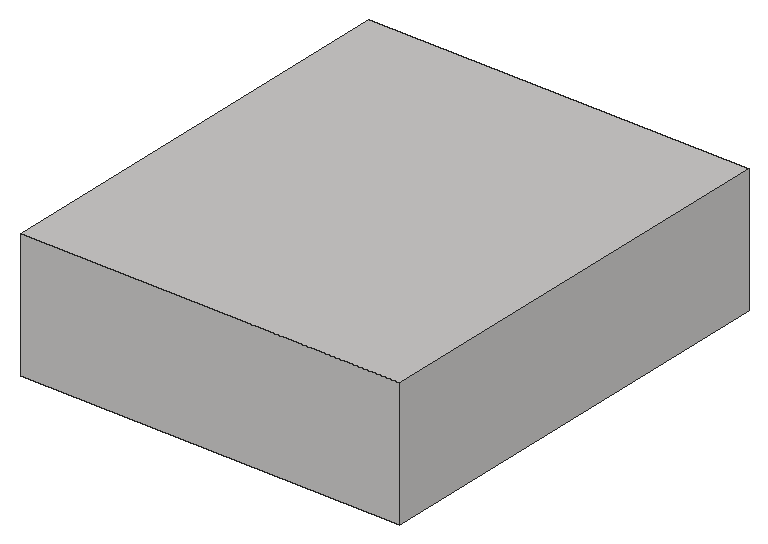
Revit family "Hand_Dryer-Automatic-Bobrick-Fino-B-7179", category Specialty Equipment, host Face, Revit 2018
Family settings
  Host = Face
  Round Connector Dimension = Use Diameter
  Part Type = Normal
  OmniClass Number = 23.40.20.21.14
  OmniClass Title = Hand and Hair Dryers
  Cut with Voids When Loaded = No
  Shared = Yes
  Room Calculation Point = No
Parameters (values of type "B-7179-(115 Volts)")
  Wiring Hole Diameter = 3/4"
  Width = 4"
  Warranty Information = "5-year limited warranty"
  Voltage = "115 Volts"
  Universal Voltage = "110V–240V, 0.8–1.9 AMP, 50/60 Hz, 202–213 Watts"
  URL = "https://www.bobrick.com/"
  Type Comments = ""
  Price = "Prices may vary. Please consult Manufacturer Representative for most up-to-date price list."  # constant formula
  Mounting Height From Floor = 40"
  Mounting Base Thickness = 15/256"
  Motor Power = "24 Vdc"
  Motor Operation = "40,000 RPM"
  Model = "B-7179"
  Material = "Stainless_Steel-Bobrick-Type_304-Satin_Finish"
  Manufacturer = "Bobrick"
  Length = 11 3/4"
  Installation Type = "Wall Mounted"
  Height = 13 1/2"
  Finish = Stainless_Steel-Bobrick-Type_304-Satin_Finish
  Energy Consumption = "200 Watts"
  Dry Time = "Less than 12 seconds"
  Description = "Fino Collection Surface Mounted Automatic Hand Dryer"
  Default Elevation = 0"
  Creation Date = "05/19/2021"  # constant formula
  Assembly Code = "C1030200"
  ADA Compliant = yes
Types (3): name | Voltage
  (no name) | "115 Volts"
  B-7179-(115 Volts) | "115 Volts"
  B-7179-(208–240 Volts) | "208–240 Volts"
Reference planes (in)
  plane 1 "Center (Front/Back)": y = 0
  plane 2: z = 0
  plane 3 "Center (Left/Right)": x = 0
  plane 4: z = 4
  plane 5: z = -0.25
  plane 6: x = -5.875
  plane 7: x = 5.875
  plane 8: y = 53.5
  plane 9: y = 40
  plane 10: x = -4.375
  plane 11: x = 4.375
  plane 12: y = 50.75
  plane 13: y = 41.25
  plane 14: x = -3.125
  plane 15: x = 3.125
  plane 16: x = 4.195
  plane 17: y = 41.97
  plane 18: z = 0.05859
Forms (in)
  Extrusion 1, void
    sketch origin (0, 26.25, 0) x (1, 0, 0) y (0, 1, 0)
      loop
        circle (4.195, 15.72) r 0.375
    from -0.25 to 0.55446
  Extrusion 2, solid, material "Stainless_Steel-Bobrick-Type_304-Satin_Finish" <- "Finish"
    sketch origin (0, 26.25, 0) x (1, 0, 0) y (0, 1, 0)
      loop
        line (-5.875, 27.25) -> (-5.875, 13.75) -> (5.875, 13.75) -> (5.875, 27.25) -> (-5.875, 27.25)
    from 0.05859 to 4
  Extrusion 3, solid, material "Stainless_Steel-Bobrick-Type_304-Satin_Finish" <- "Finish"
    sketch origin (0, 26.25, 0) x (1, 0, 0) y (0, 1, 0)
      loop
        circle (-4.375, 24.5) r 0.1575
      loop
        circle (4.375, 24.5) r 0.15625
      loop
        circle (-3.125, 15) r 0.15625
      loop
        circle (3.125, 15) r 0.15625
    from 0 to 0.05859
Cuts and joins
  Extrusion 1 cuts Extrusion 2
Lines and regions (in)
  Masking region 1
    outline origin (23.96867, 11.9375, 0) x (1, 0, 0) y (0, 0, -1)
      loop
        line (-29.84367, -4) -> (-18.09367, -4) -> (-18.09367, -0.05859) -> (-19.43742, -0.05859) -> (-19.43742, 0) -> (-19.74992, 0) -> (-19.74992, -0.05859) -> (-20.68742, -0.05859) -> (-20.68742, 0) -> (-20.99992, 0) -> (-20.99992, -0.05859) -> (-26.93742, -0.05859) -> (-26.93742, 0) -> (-27.24992, 0) -> (-27.24992, -0.05859) -> (-28.18617, -0.05859) -> (-28.18617, 0) -> (-28.50117, 0) -> (-28.50117, -0.05859) -> (-29.84367, -0.05859) -> (-29.84367, -4)
  symbolic lines, detail levels fine
    curve 1: line (5.875, 11.9375, 0.05859) -> (-5.875, 11.9375, 0.05859)
Dimensions and locks (in)
  host face to plane 4 = 4"
  "Height": plane 8 to plane 9
  "Length": plane 6 to plane 7
  equal spacing: plane 6, plane 3 "Center (Left/Right)", plane 7
  equal spacing: plane 10, plane 3 "Center (Left/Right)", plane 11
  plane 10 to plane 11 = 8 3/4"
  locked: plane 13 to plane 12 at 9.5
  equal spacing: plane 14, plane 3 "Center (Left/Right)", plane 15
  plane 14 to plane 15 = 6 1/4"
  locked: plane 9 to plane 13 at 1.25
  locked: plane 16 to plane 7 at 1.68
  locked: plane 17 to plane 9 at 1.97
  "Width": plane 4 to host face
  "Mounting Base Thickness": plane 18 to host face
  "Mounting Height From Floor": plane 1 "Center (Front/Back)" to plane 9
  "Wiring Hole Diameter": diameter of Extrusion 1 sketch curve
  aligned and locked: plane 2 to host face
  aligned and locked: level to host face
  aligned and locked: plane 6 to Extrusion 2 sketch curve
  aligned and locked: plane 9 to Extrusion 2 sketch curve
  aligned and locked: Extrusion 2 sketch curve to plane 7
  aligned and locked: Extrusion 2 sketch curve to plane 8
  aligned and locked: plane 4 to Extrusion 2
  aligned and locked: Extrusion 1 to plane 5
  aligned and locked: Extrusion 2 to plane 18
  aligned and locked: plane 12 to Extrusion 3 sketch curve  (x2)
  aligned and locked: plane 10 to Extrusion 3 sketch curve
  aligned and locked: plane 11 to Extrusion 3 sketch curve
  aligned and locked: plane 14 to Extrusion 3 sketch curve
  aligned and locked: plane 13 to Extrusion 3 sketch curve  (x2)
  aligned and locked: plane 15 to Extrusion 3 sketch curve
  aligned and locked: Extrusion 3 to host face
  aligned and locked: Extrusion 3 to cut or joined group of Extrusion 1, Extrusion 2
  aligned and locked: Masking region 1 sketch curve to cut or joined group of Extrusion 1, Extrusion 2  (x4)
  aligned and locked: curve 1 to cut or joined group of Extrusion 1, Extrusion 2
Automatic sketch dimensions
  host sketch curve to host sketch curve = 96"
  host sketch curve to host sketch curve = 122"
  Masking region 1 sketch curve to plane 18 = 0"  (x4)
  Masking region 1 sketch curve to level = 0"  (x4)
  plane 10 to Masking region 1 sketch curve = 0.1575"
  Masking region 1 sketch curve to plane 14 = 5/32"
  plane 14 to Masking region 1 sketch curve = 5/32"
  Masking region 1 sketch curve to plane 15 = 5/32"
  plane 15 to Masking region 1 sketch curve = 5/32"
  plane 16 to Masking region 1 sketch curve = 0.02375"
  plane 11 to Masking region 1 sketch curve = 5/32"
  Masking region 1 sketch curve to plane 10 = 0.1575"
  curve 1 to plane 6 = 0"
  curve 1 to plane 7 = 0"
  Extrusion 1 sketch curve to plane 16 = 0"
  Extrusion 1 sketch curve to plane 17 = 0"
  radius of Extrusion 3 sketch curve = 0.1575"
  radius of Extrusion 3 sketch curve = 5/32"  (x3)
Connectors (in)
  electrical at (4.195, 41.97, 0.05859)
    settings: on cut or joined group of Extrusion 1, Extrusion 2, index 1, voltage 110 V, apparent load 0 VA, apparent load phase1 0 VA, apparent load phase2 0 VA, apparent load phase3 0 VA, power factor 1, load classification "Other", number of poles 1, system type 30, power factor state 1, is connector primary yes, connector utility no, sub classification motor no, connector description "Electrical Supply Inlet Connection"
